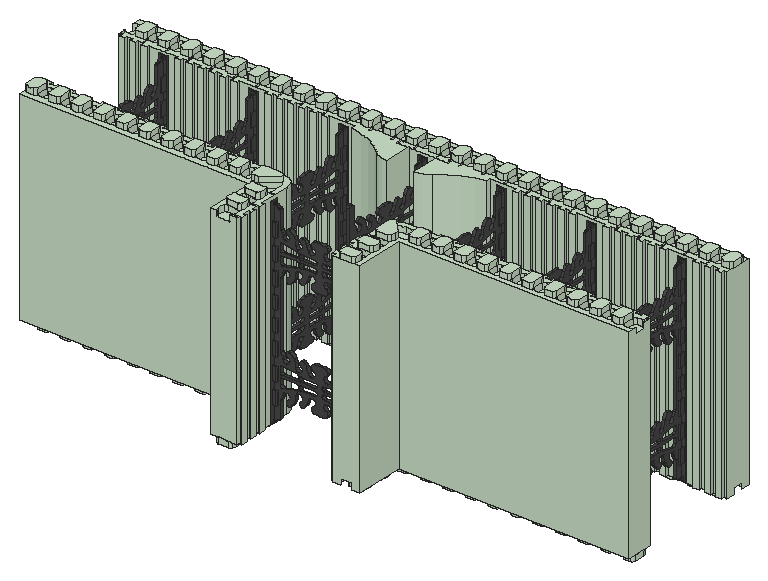
Revit family "ICF- NUDURA 8-inch- Short T Form Unit- Imperial", category Generic Models, Revit 2011 (continued)
Forms (in)
  Extrusion 95, void
    sketch origin (-11.99998, -0.00002, 0) x (0, -1, 0) y (1, 0, 0)
      loop
        arc (-3.80702, 25.93338) -> (-3.88568, 25.98274) -> (-3.97692, 25.99998) r 0.25
        line (-3.97692, 25.99998) -> (-4.89808, 25.99998)
        arc (-4.89808, 25.99998) -> (-5.04517, 25.95213) -> (-5.13595, 25.8269) r 0.25
        arc (-5.13595, 25.8269) -> (-5.1875, 25.49998) -> (-5.13595, 25.17306) r 1.0625
    from 0 to 0.5
  Extrusion 96, void
    sketch origin (-9.99998, -0.00002, 0) x (0, -1, 0) y (1, 0, 0)
      loop
        arc (-5.13595, 25.17306) -> (-5.04517, 25.04783) -> (-4.89808, 24.99998) r 0.25
        line (-4.89808, 24.99998) -> (-3.97692, 24.99998)
        arc (-3.97692, 24.99998) -> (-3.82983, 25.04783) -> (-3.73905, 25.17306) r 0.25
        arc (-3.73905, 25.17306) -> (-3.69045, 25.4209) -> (-3.70172, 25.67321) r 1.0625
        arc (-3.70172, 25.67321) -> (-3.68771, 25.72383) -> (-3.64005, 25.7459) r 0.0625
        line (-3.64005, 25.7459) -> (-3.41845, 25.7459) -> (-3.41845, 25.91673) -> (-3.76455, 25.91673)
        arc (-3.76455, 25.91673) -> (-3.78736, 25.92104) -> (-3.80702, 25.93338) r 0.0625
        arc (-3.80702, 25.93338) -> (-3.88568, 25.98274) -> (-3.97692, 25.99998) r 0.25
        line (-3.97692, 25.99998) -> (-4.89808, 25.99998)
        arc (-4.89808, 25.99998) -> (-5.04517, 25.95213) -> (-5.13595, 25.8269) r 0.25
        arc (-5.13595, 25.8269) -> (-5.1875, 25.49998) -> (-5.13595, 25.17306) r 1.0625
    from 0 to 0.5
  Extrusion 97, void
    sketch origin (-7.99998, -0.00002, 0) x (0, -1, 0) y (1, 0, 0)
      loop
        arc (-5.13595, 25.17306) -> (-5.04517, 25.04783) -> (-4.89808, 24.99998) r 0.25
        line (-4.89808, 24.99998) -> (-3.97692, 24.99998)
        arc (-3.97692, 24.99998) -> (-3.82983, 25.04783) -> (-3.73905, 25.17306) r 0.25
        arc (-3.73905, 25.17306) -> (-3.69045, 25.4209) -> (-3.70172, 25.67321) r 1.0625
        arc (-3.70172, 25.67321) -> (-3.68771, 25.72383) -> (-3.64005, 25.7459) r 0.0625
        line (-3.64005, 25.7459) -> (-3.41845, 25.7459) -> (-3.41845, 25.91673) -> (-3.76455, 25.91673)
        arc (-3.76455, 25.91673) -> (-3.78736, 25.92104) -> (-3.80702, 25.93338) r 0.0625
        arc (-3.80702, 25.93338) -> (-3.88568, 25.98274) -> (-3.97692, 25.99998) r 0.25
        line (-3.97692, 25.99998) -> (-4.89808, 25.99998)
        arc (-4.89808, 25.99998) -> (-5.04517, 25.95213) -> (-5.13595, 25.8269) r 0.25
        arc (-5.13595, 25.8269) -> (-5.1875, 25.49998) -> (-5.13595, 25.17306) r 1.0625
    from 0 to 0.5
  Extrusion 98, void
    sketch origin (-5.99998, -0.00002, 0) x (0, -1, 0) y (1, 0, 0)
      loop
        arc (-5.13595, 25.17306) -> (-5.04517, 25.04783) -> (-4.89808, 24.99998) r 0.25
        line (-4.89808, 24.99998) -> (-3.97692, 24.99998)
        arc (-3.97692, 24.99998) -> (-3.82983, 25.04783) -> (-3.73905, 25.17306) r 0.25
        arc (-3.73905, 25.17306) -> (-3.69045, 25.4209) -> (-3.70172, 25.67321) r 1.0625
        arc (-3.70172, 25.67321) -> (-3.68771, 25.72383) -> (-3.64005, 25.7459) r 0.0625
        line (-3.64005, 25.7459) -> (-3.41845, 25.7459) -> (-3.41845, 25.91673) -> (-3.76455, 25.91673)
        arc (-3.76455, 25.91673) -> (-3.78736, 25.92104) -> (-3.80702, 25.93338) r 0.0625
        arc (-3.80702, 25.93338) -> (-3.88568, 25.98274) -> (-3.97692, 25.99998) r 0.25
        line (-3.97692, 25.99998) -> (-4.89808, 25.99998)
        arc (-4.89808, 25.99998) -> (-5.04517, 25.95213) -> (-5.13595, 25.8269) r 0.25
        arc (-5.13595, 25.8269) -> (-5.1875, 25.49998) -> (-5.13595, 25.17306) r 1.0625
    from 0 to 0.5
  Extrusion 99, void
    sketch origin (-3.99998, -0.00002, 0) x (0, -1, 0) y (1, 0, 0)
      loop
        arc (-5.13595, 25.17306) -> (-5.04517, 25.04783) -> (-4.89808, 24.99998) r 0.25
        line (-4.89808, 24.99998) -> (-3.97692, 24.99998)
        arc (-3.97692, 24.99998) -> (-3.82983, 25.04783) -> (-3.73905, 25.17306) r 0.25
        arc (-3.73905, 25.17306) -> (-3.69045, 25.4209) -> (-3.70172, 25.67321) r 1.0625
        arc (-3.70172, 25.67321) -> (-3.68771, 25.72383) -> (-3.64005, 25.7459) r 0.0625
        line (-3.64005, 25.7459) -> (-3.41845, 25.7459) -> (-3.41845, 25.91673) -> (-3.76455, 25.91673)
        arc (-3.76455, 25.91673) -> (-3.78736, 25.92104) -> (-3.80702, 25.93338) r 0.0625
        arc (-3.80702, 25.93338) -> (-3.88568, 25.98274) -> (-3.97692, 25.99998) r 0.25
        line (-3.97692, 25.99998) -> (-4.89808, 25.99998)
        arc (-4.89808, 25.99998) -> (-5.04517, 25.95213) -> (-5.13595, 25.8269) r 0.25
        arc (-5.13595, 25.8269) -> (-5.1875, 25.49998) -> (-5.13595, 25.17306) r 1.0625
    from 0 to 0.5
  Extrusion 100, void
    sketch origin (-1.99998, -0.00002, 0) x (0, -1, 0) y (1, 0, 0)
      loop
        arc (-5.13595, 25.17306) -> (-5.04517, 25.04783) -> (-4.89808, 24.99998) r 0.25
        line (-4.89808, 24.99998) -> (-3.97692, 24.99998)
        arc (-3.97692, 24.99998) -> (-3.82983, 25.04783) -> (-3.73905, 25.17306) r 0.25
        arc (-3.73905, 25.17306) -> (-3.69045, 25.4209) -> (-3.70172, 25.67321) r 1.0625
        arc (-3.70172, 25.67321) -> (-3.68771, 25.72383) -> (-3.64005, 25.7459) r 0.0625
        line (-3.64005, 25.7459) -> (-3.41845, 25.7459) -> (-3.41845, 25.91673) -> (-3.76455, 25.91673)
        arc (-3.76455, 25.91673) -> (-3.78736, 25.92104) -> (-3.80702, 25.93338) r 0.0625
        arc (-3.80702, 25.93338) -> (-3.88568, 25.98274) -> (-3.97692, 25.99998) r 0.25
        line (-3.97692, 25.99998) -> (-4.89808, 25.99998)
        arc (-4.89808, 25.99998) -> (-5.04517, 25.95213) -> (-5.13595, 25.8269) r 0.25
        arc (-5.13595, 25.8269) -> (-5.1875, 25.49998) -> (-5.13595, 25.17306) r 1.0625
    from 0 to 0.5
  Extrusion 101, void
    sketch origin (0.00002, -0.00002, 0) x (0, -1, 0) y (1, 0, 0)
      loop
        arc (-5.13595, 25.17306) -> (-5.04517, 25.04783) -> (-4.89808, 24.99998) r 0.25
        line (-4.89808, 24.99998) -> (-3.97692, 24.99998)
        arc (-3.97692, 24.99998) -> (-3.82983, 25.04783) -> (-3.73905, 25.17306) r 0.25
        arc (-3.73905, 25.17306) -> (-3.69045, 25.4209) -> (-3.70172, 25.67321) r 1.0625
        arc (-3.70172, 25.67321) -> (-3.68771, 25.72383) -> (-3.64005, 25.7459) r 0.0625
        line (-3.64005, 25.7459) -> (-3.41845, 25.7459) -> (-3.41845, 25.91673) -> (-3.76455, 25.91673)
        arc (-3.76455, 25.91673) -> (-3.78736, 25.92104) -> (-3.80702, 25.93338) r 0.0625
        arc (-3.80702, 25.93338) -> (-3.88568, 25.98274) -> (-3.97692, 25.99998) r 0.25
        line (-3.97692, 25.99998) -> (-4.89808, 25.99998)
        arc (-4.89808, 25.99998) -> (-5.04517, 25.95213) -> (-5.13595, 25.8269) r 0.25
        arc (-5.13595, 25.8269) -> (-5.1875, 25.49998) -> (-5.13595, 25.17306) r 1.0625
    from 0 to 0.5
  Extrusion 102, void
    sketch origin (-49.99998, -0.00002, 0) x (0, -1, 0) y (1, 0, 0)
      loop
        arc (-5.13595, 25.17306) -> (-5.04517, 25.04783) -> (-4.89808, 24.99998) r 0.25
        line (-4.89808, 24.99998) -> (-3.97692, 24.99998)
        arc (-3.97692, 24.99998) -> (-3.82983, 25.04783) -> (-3.73905, 25.17306) r 0.25
        arc (-3.73905, 25.17306) -> (-3.69045, 25.4209) -> (-3.70172, 25.67321) r 1.0625
        arc (-3.70172, 25.67321) -> (-3.68771, 25.72383) -> (-3.64005, 25.7459) r 0.0625
        line (-3.64005, 25.7459) -> (-3.41845, 25.7459) -> (-3.41845, 25.91673) -> (-3.76455, 25.91673)
        arc (-3.76455, 25.91673) -> (-3.78736, 25.92104) -> (-3.80702, 25.93338) r 0.0625
        arc (-3.80702, 25.93338) -> (-3.88568, 25.98274) -> (-3.97692, 25.99998) r 0.25
        line (-3.97692, 25.99998) -> (-4.89808, 25.99998)
        arc (-4.89808, 25.99998) -> (-5.04517, 25.95213) -> (-5.13595, 25.8269) r 0.25
        arc (-5.13595, 25.8269) -> (-5.1875, 25.49998) -> (-5.13595, 25.17306) r 1.0625
    from 0 to 0.5
  Extrusion 103, void
    sketch origin (-47.99998, -0.00002, 0) x (0, -1, 0) y (1, 0, 0)
      loop
        arc (-5.13595, 25.17306) -> (-5.04517, 25.04783) -> (-4.89808, 24.99998) r 0.25
        line (-4.89808, 24.99998) -> (-3.97692, 24.99998)
        arc (-3.97692, 24.99998) -> (-3.82983, 25.04783) -> (-3.73905, 25.17306) r 0.25
        arc (-3.73905, 25.17306) -> (-3.69045, 25.4209) -> (-3.70172, 25.67321) r 1.0625
        arc (-3.70172, 25.67321) -> (-3.68771, 25.72383) -> (-3.64005, 25.7459) r 0.0625
        line (-3.64005, 25.7459) -> (-3.41845, 25.7459) -> (-3.41845, 25.91673) -> (-3.76455, 25.91673)
        arc (-3.76455, 25.91673) -> (-3.78736, 25.92104) -> (-3.80702, 25.93338) r 0.0625
        arc (-3.80702, 25.93338) -> (-3.88568, 25.98274) -> (-3.97692, 25.99998) r 0.25
        line (-3.97692, 25.99998) -> (-4.89808, 25.99998)
        arc (-4.89808, 25.99998) -> (-5.04517, 25.95213) -> (-5.13595, 25.8269) r 0.25
        arc (-5.13595, 25.8269) -> (-5.1875, 25.49998) -> (-5.13595, 25.17306) r 1.0625
    from 0 to 0.5
  Extrusion 104, void
    sketch origin (-45.99998, -0.00002, 0) x (0, -1, 0) y (1, 0, 0)
      loop
        arc (-5.13595, 25.17306) -> (-5.04517, 25.04783) -> (-4.89808, 24.99998) r 0.25
        line (-4.89808, 24.99998) -> (-3.97692, 24.99998)
        arc (-3.97692, 24.99998) -> (-3.82983, 25.04783) -> (-3.73905, 25.17306) r 0.25
        arc (-3.73905, 25.17306) -> (-3.69045, 25.4209) -> (-3.70172, 25.67321) r 1.0625
        arc (-3.70172, 25.67321) -> (-3.68771, 25.72383) -> (-3.64005, 25.7459) r 0.0625
        line (-3.64005, 25.7459) -> (-3.41845, 25.7459) -> (-3.41845, 25.91673) -> (-3.76455, 25.91673)
        arc (-3.76455, 25.91673) -> (-3.78736, 25.92104) -> (-3.80702, 25.93338) r 0.0625
        arc (-3.80702, 25.93338) -> (-3.88568, 25.98274) -> (-3.97692, 25.99998) r 0.25
        line (-3.97692, 25.99998) -> (-4.89808, 25.99998)
        arc (-4.89808, 25.99998) -> (-5.04517, 25.95213) -> (-5.13595, 25.8269) r 0.25
        arc (-5.13595, 25.8269) -> (-5.1875, 25.49998) -> (-5.13595, 25.17306) r 1.0625
    from 0 to 0.5
  Extrusion 105, void
    sketch origin (-43.99998, -0.00002, 0) x (0, -1, 0) y (1, 0, 0)
      loop
        arc (-5.13595, 25.17306) -> (-5.04517, 25.04783) -> (-4.89808, 24.99998) r 0.25
        line (-4.89808, 24.99998) -> (-3.97692, 24.99998)
        arc (-3.97692, 24.99998) -> (-3.82983, 25.04783) -> (-3.73905, 25.17306) r 0.25
        arc (-3.73905, 25.17306) -> (-3.69045, 25.4209) -> (-3.70172, 25.67321) r 1.0625
        arc (-3.70172, 25.67321) -> (-3.68771, 25.72383) -> (-3.64005, 25.7459) r 0.0625
        line (-3.64005, 25.7459) -> (-3.41845, 25.7459) -> (-3.41845, 25.91673) -> (-3.76455, 25.91673)
        arc (-3.76455, 25.91673) -> (-3.78736, 25.92104) -> (-3.80702, 25.93338) r 0.0625
        arc (-3.80702, 25.93338) -> (-3.88568, 25.98274) -> (-3.97692, 25.99998) r 0.25
        line (-3.97692, 25.99998) -> (-4.89808, 25.99998)
        arc (-4.89808, 25.99998) -> (-5.04517, 25.95213) -> (-5.13595, 25.8269) r 0.25
        arc (-5.13595, 25.8269) -> (-5.1875, 25.49998) -> (-5.13595, 25.17306) r 1.0625
    from 0 to 0.5
  Extrusion 106, void
    sketch origin (-41.99998, -0.00002, 0) x (0, -1, 0) y (1, 0, 0)
      loop
        arc (-5.13595, 25.17306) -> (-5.04517, 25.04783) -> (-4.89808, 24.99998) r 0.25
        line (-4.89808, 24.99998) -> (-3.97692, 24.99998)
        arc (-3.97692, 24.99998) -> (-3.82983, 25.04783) -> (-3.73905, 25.17306) r 0.25
        arc (-3.73905, 25.17306) -> (-3.69045, 25.4209) -> (-3.70172, 25.67321) r 1.0625
        arc (-3.70172, 25.67321) -> (-3.68771, 25.72383) -> (-3.64005, 25.7459) r 0.0625
        line (-3.64005, 25.7459) -> (-3.41845, 25.7459) -> (-3.41845, 25.91673) -> (-3.76455, 25.91673)
        arc (-3.76455, 25.91673) -> (-3.78736, 25.92104) -> (-3.80702, 25.93338) r 0.0625
        arc (-3.80702, 25.93338) -> (-3.88568, 25.98274) -> (-3.97692, 25.99998) r 0.25
        line (-3.97692, 25.99998) -> (-4.89808, 25.99998)
        arc (-4.89808, 25.99998) -> (-5.04517, 25.95213) -> (-5.13595, 25.8269) r 0.25
        arc (-5.13595, 25.8269) -> (-5.1875, 25.49998) -> (-5.13595, 25.17306) r 1.0625
    from 0 to 0.5
  Extrusion 107, void
    sketch origin (-39.99998, -0.00002, 0) x (0, -1, 0) y (1, 0, 0)
      loop
        arc (-5.13595, 25.17306) -> (-5.04517, 25.04783) -> (-4.89808, 24.99998) r 0.25
        line (-4.89808, 24.99998) -> (-3.97692, 24.99998)
        arc (-3.97692, 24.99998) -> (-3.82983, 25.04783) -> (-3.73905, 25.17306) r 0.25
        arc (-3.73905, 25.17306) -> (-3.69045, 25.4209) -> (-3.70172, 25.67321) r 1.0625
        arc (-3.70172, 25.67321) -> (-3.68771, 25.72383) -> (-3.64005, 25.7459) r 0.0625
        line (-3.64005, 25.7459) -> (-3.41845, 25.7459) -> (-3.41845, 25.91673) -> (-3.76455, 25.91673)
        arc (-3.76455, 25.91673) -> (-3.78736, 25.92104) -> (-3.80702, 25.93338) r 0.0625
        arc (-3.80702, 25.93338) -> (-3.88568, 25.98274) -> (-3.97692, 25.99998) r 0.25
        line (-3.97692, 25.99998) -> (-4.89808, 25.99998)
        arc (-4.89808, 25.99998) -> (-5.04517, 25.95213) -> (-5.13595, 25.8269) r 0.25
        arc (-5.13595, 25.8269) -> (-5.1875, 25.49998) -> (-5.13595, 25.17306) r 1.0625
    from 0 to 0.5
  Extrusion 108, void
    sketch origin (-37.99998, -0.00002, 0) x (0, -1, 0) y (1, 0, 0)
      loop
        arc (-5.13595, 25.17306) -> (-5.04517, 25.04783) -> (-4.89808, 24.99998) r 0.25
        line (-4.89808, 24.99998) -> (-3.97692, 24.99998)
        arc (-3.97692, 24.99998) -> (-3.82983, 25.04783) -> (-3.73905, 25.17306) r 0.25
        arc (-3.73905, 25.17306) -> (-3.69045, 25.4209) -> (-3.70172, 25.67321) r 1.0625
        arc (-3.70172, 25.67321) -> (-3.68771, 25.72383) -> (-3.64005, 25.7459) r 0.0625
        line (-3.64005, 25.7459) -> (-3.41845, 25.7459) -> (-3.41845, 25.91673) -> (-3.76455, 25.91673)
        arc (-3.76455, 25.91673) -> (-3.78736, 25.92104) -> (-3.80702, 25.93338) r 0.0625
        arc (-3.80702, 25.93338) -> (-3.88568, 25.98274) -> (-3.97692, 25.99998) r 0.25
        line (-3.97692, 25.99998) -> (-4.89808, 25.99998)
        arc (-4.89808, 25.99998) -> (-5.04517, 25.95213) -> (-5.13595, 25.8269) r 0.25
        arc (-5.13595, 25.8269) -> (-5.1875, 25.49998) -> (-5.13595, 25.17306) r 1.0625
    from 0 to 0.5
  Extrusion 109, void
    sketch origin (-35.99998, -0.00002, 0) x (0, -1, 0) y (1, 0, 0)
      loop
        arc (-5.13595, 25.17306) -> (-5.04517, 25.04783) -> (-4.89808, 24.99998) r 0.25
        line (-4.89808, 24.99998) -> (-3.97692, 24.99998)
        arc (-3.97692, 24.99998) -> (-3.82983, 25.04783) -> (-3.73905, 25.17306) r 0.25
        arc (-3.73905, 25.17306) -> (-3.69045, 25.4209) -> (-3.70172, 25.67321) r 1.0625
        arc (-3.70172, 25.67321) -> (-3.68771, 25.72383) -> (-3.64005, 25.7459) r 0.0625
        line (-3.64005, 25.7459) -> (-3.41845, 25.7459) -> (-3.41845, 25.91673) -> (-3.76455, 25.91673)
        arc (-3.76455, 25.91673) -> (-3.78736, 25.92104) -> (-3.80702, 25.93338) r 0.0625
        arc (-3.80702, 25.93338) -> (-3.88568, 25.98274) -> (-3.97692, 25.99998) r 0.25
        line (-3.97692, 25.99998) -> (-4.89808, 25.99998)
        arc (-4.89808, 25.99998) -> (-5.04517, 25.95213) -> (-5.13595, 25.8269) r 0.25
        arc (-5.13595, 25.8269) -> (-5.1875, 25.49998) -> (-5.13595, 25.17306) r 1.0625
    from 0 to 0.5
  Extrusion 110, void
    sketch origin (51.99998, -0.00002, 0) x (0, -1, 0) y (1, 0, 0)
      loop
        arc (-5.13595, -25.17306) -> (-5.1875, -25.49998) -> (-5.13595, -25.8269) r 1.0625
        arc (-5.13595, -25.8269) -> (-5.04517, -25.95213) -> (-4.89808, -25.99998) r 0.25
        line (-4.89808, -25.99998) -> (-3.97692, -25.99998)
        arc (-3.97692, -25.99998) -> (-3.88568, -25.98274) -> (-3.80702, -25.93338) r 0.25
        arc (-3.80702, -25.93338) -> (-3.78736, -25.92104) -> (-3.76455, -25.91673) r 0.0625
        line (-3.76455, -25.91673) -> (-3.41845, -25.91673) -> (-3.41845, -25.7459) -> (-3.64005, -25.7459)
        arc (-3.64005, -25.7459) -> (-3.68771, -25.72383) -> (-3.70172, -25.67321) r 0.0625
        arc (-3.70172, -25.67321) -> (-3.69045, -25.4209) -> (-3.73905, -25.17306) r 1.0625
        arc (-3.73905, -25.17306) -> (-3.82983, -25.04783) -> (-3.97692, -24.99998) r 0.25
        line (-3.97692, -24.99998) -> (-4.89808, -24.99998)
        arc (-4.89808, -24.99998) -> (-5.04517, -25.04783) -> (-5.13595, -25.17306) r 0.25
    from 18 to 17.5
  Extrusion 111, void
    sketch origin (2.00002, -0.00002, 0) x (0, -1, 0) y (1, 0, 0)
      loop
        arc (-5.13595, 25.17306) -> (-5.04517, 25.04783) -> (-4.89808, 24.99998) r 0.25
        line (-4.89808, 24.99998) -> (-3.97692, 24.99998)
        arc (-3.97692, 24.99998) -> (-3.82983, 25.04783) -> (-3.73905, 25.17306) r 0.25
        arc (-3.73905, 25.17306) -> (-3.69045, 25.4209) -> (-3.70172, 25.67321) r 1.0625
        arc (-3.70172, 25.67321) -> (-3.68771, 25.72383) -> (-3.64005, 25.7459) r 0.0625
        line (-3.64005, 25.7459) -> (-3.41845, 25.7459) -> (-3.41845, 25.91673) -> (-3.76455, 25.91673)
        arc (-3.76455, 25.91673) -> (-3.78736, 25.92104) -> (-3.80702, 25.93338) r 0.0625
        arc (-3.80702, 25.93338) -> (-3.88568, 25.98274) -> (-3.97692, 25.99998) r 0.25
        line (-3.97692, 25.99998) -> (-4.89808, 25.99998)
        arc (-4.89808, 25.99998) -> (-5.04517, 25.95213) -> (-5.13595, 25.8269) r 0.25
        arc (-5.13595, 25.8269) -> (-5.1875, 25.49998) -> (-5.13595, 25.17306) r 1.0625
    from 0 to 0.5
  Extrusion 112, solid, material "NUDURA Expanded Polystyrene Foam Insulation"
    sketch origin (0, 0, 0) x (1, 0, 0) y (0, 1, 0)
      loop
        line (3.25, 5.62754) -> (-1.25, 5.62754) -> (-1.25, 5.17633) -> (-1, 5.24332) -> (-1, 4.63633) -> (-1.25, 4.69867) -> (-1.25, 4.17633) -> (-1, 4.24332) -> (-1, 3.63633) -> (-1.25, 3.69867) -> (-1.25, 3.25) -> (3.25, 3.25) -> (3.25, 3.69867) -> (3, 3.63633) -> (3, 4.24332) -> (3.25, 4.17633) -> (3.25, 4.69867) -> (3, 4.63633) -> (3, 5.24332) -> (3.25, 5.17633) -> (3.25, 5.62754)
    from 0 to 18
Cuts and joins
  Extrusion 2, Extrusion 3, Extrusion 4, Extrusion 5, Extrusion 6, Extrusion 7, Extrusion 8, Extrusion 9, Extrusion 10, Extrusion 11, Extrusion 12, Extrusion 13, Extrusion 14, Extrusion 15, Extrusion 16, Extrusion 17, Extrusion 18, Extrusion 19, Extrusion 20, Extrusion 21, Extrusion 22, Extrusion 23, Extrusion 24, Extrusion 25, Extrusion 26, Extrusion 27, Extrusion 28, Extrusion 29, Extrusion 30, Extrusion 31, Extrusion 32, Extrusion 33, Extrusion 34, Extrusion 35, Extrusion 36, Extrusion 37, Extrusion 38, Extrusion 39, Extrusion 40, Extrusion 41, Extrusion 46, Extrusion 47, Extrusion 48, Extrusion 49, Extrusion 50, Extrusion 51, Extrusion 52, Extrusion 53, Extrusion 54, Extrusion 55, Extrusion 56, Extrusion 57, Extrusion 58, Extrusion 59, Extrusion 60, Extrusion 61, Extrusion 62, Extrusion 63, Extrusion 64, Extrusion 65, Extrusion 66, Extrusion 67, Extrusion 68, Extrusion 69, Extrusion 70, Extrusion 71, Extrusion 72, Extrusion 73, Extrusion 74, Extrusion 75, Extrusion 76, Extrusion 77, Extrusion 78, Extrusion 79, Extrusion 80, Extrusion 81, Extrusion 82, Extrusion 83, Extrusion 84, Extrusion 85, Extrusion 86, Extrusion 87, Extrusion 88, Extrusion 89, Extrusion 90, Extrusion 91, Extrusion 92, Extrusion 93, Extrusion 94, Extrusion 95, Extrusion 96, Extrusion 97, Extrusion 98, Extrusion 99, Extrusion 100, Extrusion 101, Extrusion 102, Extrusion 103, Extrusion 104, Extrusion 105, Extrusion 106, Extrusion 107, Extrusion 108, Extrusion 109, Extrusion 110, Extrusion 111 cuts Extrusion 1
  Extrusion 54 cuts Extrusion 43
  Extrusion 86 cuts Extrusion 45
  Extrusion 26, Extrusion 27, Extrusion 28, Extrusion 36, Extrusion 37, Extrusion 38 cuts Extrusion 112
Lines and regions (in)
  model lines
    curve 1: line (-2, 5.62754, 0) -> (-2, 5.62754, 18)
Dimensions and locks (in)
  locked: plane 8 to level at 18  (x2)
  locked: plane 5 to plane 4 at 8
  locked: plane 7 to plane 6 at 8
  aligned and locked: plane 8 to Extrusion 1
  aligned and locked: Extrusion 1 to level
  aligned and locked: Extrusion 1 to plane 8
  aligned and locked: plane 2 to level
  aligned: cut or joined group 1 (Extrusion 1, Extrusion 2, Extrusion 3, Extrusion 4, Extrusion 5, Extrusion 6, Extrusion 7, Extrusion 8, Extrusion 9, Extrusion 10, Extrusion 11, Extrusion 12, Extrusion 13, Extrusion 14, Extrusion 15, Extrusion 16, Extrusion 17, Extrusion 18, Extrusion 19, Extrusion 20, Extrusion 21, Extrusion 22, Extrusion 23, Extrusion 24, Extrusion 25, Extrusion 26, Extrusion 27, Extrusion 28, Extrusion 29, Extrusion 30, Extrusion 31, Extrusion 32, Extrusion 33, Extrusion 34, Extrusion 35, Extrusion 36, Extrusion 37, Extrusion 38, Extrusion 39, Extrusion 40, Extrusion 41, Extrusion 46, Extrusion 47, Extrusion 48, Extrusion 49, Extrusion 50, Extrusion 51, Extrusion 52, Extrusion 53, Extrusion 54, Extrusion 55, Extrusion 56, Extrusion 57, Extrusion 58, Extrusion 59, Extrusion 60, Extrusion 61, Extrusion 62, Extrusion 63, Extrusion 64, Extrusion 65, Extrusion 66, Extrusion 67, Extrusion 68, Extrusion 69, Extrusion 70, Extrusion 71, Extrusion 72, Extrusion 73, Extrusion 74, Extrusion 75, Extrusion 76, Extrusion 77, Extrusion 78, Extrusion 79, Extrusion 80, Extrusion 81, Extrusion 82, Extrusion 83, Extrusion 84, Extrusion 85, Extrusion 86, Extrusion 87, Extrusion 88, Extrusion 89, Extrusion 90, Extrusion 91, Extrusion 92, Extrusion 93, Extrusion 94, Extrusion 95, Extrusion 96, Extrusion 97, Extrusion 98, Extrusion 99, Extrusion 100, Extrusion 101, Extrusion 102, Extrusion 103, Extrusion 104, Extrusion 105, Extrusion 106, Extrusion 107, Extrusion 108, Extrusion 109, Extrusion 110, Extrusion 111) to nested 37
  aligned: nested 39 to cut or joined group 1
  aligned: nested 40 to cut or joined group 1
  aligned: cut or joined group 1 to nested 41
  aligned and locked: cut or joined group 1 to nested 106
  aligned and locked: cut or joined group 1 to nested 107
  aligned and locked: nested 40 to nested 41
  aligned and locked: nested 108 to nested 40
  aligned and locked: cut or joined group 1 to nested 109
  aligned and locked: nested 111 to cut or joined group 1
  aligned and locked: cut or joined group 1 to nested 110
  aligned: nested 112 to cut or joined group 1
  aligned and locked: nested 113 to cut or joined group 1
  aligned: nested 114 to cut or joined group 1
  aligned and locked: nested 112 to cut or joined group 1
  aligned and locked: nested 125 to cut or joined group of Extrusion 26, Extrusion 27, Extrusion 28, Extrusion 36, Extrusion 37, Extrusion 38, Extrusion 112
Nested families (in)
  nested 1: "Interlock Tooth" at (2, -11.99998, 0) x (0, 1, 0) z (0, 0, 1), type "Interlock Tooth"
  nested 2: "Interlock Tooth" at (2, -9.99998, 0) x (0, 1, 0) z (0, 0, 1), type "Interlock Tooth"
  nested 3: "Interlock Tooth" at (0, -10.99998, 0) x (0, 1, 0) z (0, 0, 1), type "Interlock Tooth"
  nested 4: "Interlock Tooth" at (0, -8.99998, 0) x (0, 1, 0) z (0, 0, 1), type "Interlock Tooth"
  nested 5: "Interlock Tooth" at (-10, -1.99998, 0), type "Interlock Tooth"
  nested 6: "Interlock Tooth" at (-8, -1.99998, 0), type "Interlock Tooth"
  nested 7: "Interlock Tooth" at (8, -1.99998, 0), type "Interlock Tooth"
  nested 8: "Interlock Tooth" at (10, -1.99998, 0), type "Interlock Tooth"
  nested 9: "Interlock Tooth" at (-9, -1.99998, -18.5), type "Interlock Tooth"
  nested 10: "Interlock Tooth" at (-7, -1.99998, -18.5), type "Interlock Tooth"
  nested 11: "Interlock Tooth" at (11, -1.99998, -18.5), type "Interlock Tooth"
  nested 12: "Interlock Tooth" at (9, -1.99998, -18.5), type "Interlock Tooth"
  nested 13: "Interlock Tooth" at (0, -10.99998, -18.5) x (0, -1, 0) z (0, 0, 1), type "Interlock Tooth"
  nested 14: "Interlock Tooth" at (0, -8.99998, -18.5) x (0, -1, 0) z (0, 0, 1), type "Interlock Tooth"
  nested 15: "Interlock Tooth" at (2, -10.99998, -18.5) x (0, 1, 0) z (0, 0, 1), type "Interlock Tooth"
  nested 16: "Interlock Tooth" at (2, -8.99998, -18.5) x (0, 1, 0) z (0, 0, 1), type "Interlock Tooth"
  nested 17: "Interlock Tooth" at (-8, -0.00002, 0) x (-1, 0, 0) z (0, 0, 1), type "Interlock Tooth"
  nested 18: "Interlock Tooth" at (-9, -0.00002, -18.5) x (-1, 0, 0) z (0, 0, 1), type "Interlock Tooth"
  nested 19: "Interlock Tooth" at (-6, -0.00002, 0) x (-1, 0, 0) z (0, 0, 1), type "Interlock Tooth"
  nested 20: "Interlock Tooth" at (-7, -0.00002, -18.5) x (-1, 0, 0) z (0, 0, 1), type "Interlock Tooth"
  nested 21: "Interlock Tooth" at (-4, -0.00002, 0) x (-1, 0, 0) z (0, 0, 1), type "Interlock Tooth"
  nested 22: "Interlock Tooth" at (-5, -0.00002, -18.5) x (-1, 0, 0) z (0, 0, 1), type "Interlock Tooth"
  nested 23: "Interlock Tooth" at (-2, -0.00002, 0) x (-1, 0, 0) z (0, 0, 1), type "Interlock Tooth"
  nested 24: "Interlock Tooth" at (-3, -0.00002, -18.5) x (-1, 0, 0) z (0, 0, 1), type "Interlock Tooth"
  nested 25: "Interlock Tooth" at (0, -0.00002, 0) x (-1, 0, 0) z (0, 0, 1), type "Interlock Tooth"
  nested 26: "Interlock Tooth" at (-1, -0.00002, -18.5) x (-1, 0, 0) z (0, 0, 1), type "Interlock Tooth"
  nested 27: "Interlock Tooth" at (2, -0.00002, 0) x (-1, 0, 0) z (0, 0, 1), type "Interlock Tooth"
  nested 28: "Interlock Tooth" at (1, -0.00002, -18.5) x (-1, 0, 0) z (0, 0, 1), type "Interlock Tooth"
  nested 29: "Interlock Tooth" at (4, -0.00002, 0) x (-1, 0, 0) z (0, 0, 1), type "Interlock Tooth"
  nested 30: "Interlock Tooth" at (3, -0.00002, -18.5) x (-1, 0, 0) z (0, 0, 1), type "Interlock Tooth"
  nested 31: "Interlock Tooth" at (6, -0.00002, 0) x (-1, 0, 0) z (0, 0, 1), type "Interlock Tooth"
  nested 32: "Interlock Tooth" at (5, -0.00002, -18.5) x (-1, 0, 0) z (0, 0, 1), type "Interlock Tooth"
  nested 33: "Interlock Tooth" at (8, -0.00002, 0) x (-1, 0, 0) z (0, 0, 1), type "Interlock Tooth"
  nested 34: "Interlock Tooth" at (7, -0.00002, -18.5) x (-1, 0, 0) z (0, 0, 1), type "Interlock Tooth"
  nested 35: "Interlock Tooth" at (10, -0.00002, 0) x (-1, 0, 0) z (0, 0, 1), type "Interlock Tooth"
  nested 36: "Interlock Tooth" at (9, -0.00002, -18.5) x (-1, 0, 0) z (0, 0, 1), type "Interlock Tooth"
  nested 37: "NUDURA Diamond Pattern Missing Two Lines" at (-11.25, -11.99998, 0) x (0, 1, 0) z (0, 0, 1), type "NUDURA Diamond Pattern minus Two lines"
  nested 38: "NUDURA Diamond Pattern Missing Two Lines" at (-10, -2, 0), type "NUDURA Diamond Pattern minus Two lines"
  nested 39: "NUDURA Diamond Pattern Missing Two Lines" at (2, -11.99998, 0) x (0, 1, 0) z (0, 0, 1), type "NUDURA Diamond Pattern minus Two lines"
  nested 40: "NUDURA Logo Diamond" at (19.99744, 5.62754, 0) x (-1, 0, 0) z (0, 0, 1), type "NUDURA Logo Diamond"
  nested 41: "NUDURA Logo Diamond" at (5.99744, 5.62754, 0) x (-1, 0, 0) z (0, 0, 1), type "NUDURA Logo Diamond"
  nested 42: "Interlock Tooth" at (-16, -0.00002, 0) x (-1, 0, 0) z (0, 0, 1), type "Interlock Tooth"
  nested 43: "Interlock Tooth" at (-14, -0.00002, 0) x (-1, 0, 0) z (0, 0, 1), type "Interlock Tooth"
  nested 44: "Interlock Tooth" at (-12, -0.00002, 0) x (-1, 0, 0) z (0, 0, 1), type "Interlock Tooth"
  nested 45: "Interlock Tooth" at (-10, -0.00002, 0) x (-1, 0, 0) z (0, 0, 1), type "Interlock Tooth"
  nested 46: "Interlock Tooth" at (-18, -0.00002, 0) x (-1, 0, 0) z (0, 0, 1), type "Interlock Tooth"
  nested 47: "Interlock Tooth" at (-24, -0.00002, 0) x (-1, 0, 0) z (0, 0, 1), type "Interlock Tooth"
  nested 48: "Interlock Tooth" at (-22, -0.00002, 0) x (-1, 0, 0) z (0, 0, 1), type "Interlock Tooth"
  nested 49: "Interlock Tooth" at (-20, -0.00002, 0) x (-1, 0, 0) z (0, 0, 1), type "Interlock Tooth"
  nested 50: "Interlock Tooth" at (-14, -1.99998, 0), type "Interlock Tooth"
  nested 51: "Interlock Tooth" at (-12, -1.99998, 0), type "Interlock Tooth"
  nested 52: "Interlock Tooth" at (-18, -1.99998, 0), type "Interlock Tooth"
  nested 53: "Interlock Tooth" at (-16, -1.99998, 0), type "Interlock Tooth"
  nested 54: "Interlock Tooth" at (-22, -1.99998, 0), type "Interlock Tooth"
  nested 55: "Interlock Tooth" at (-20, -1.99998, 0), type "Interlock Tooth"
  nested 56: "Interlock Tooth" at (-26, -1.99998, 0), type "Interlock Tooth"
  nested 57: "Interlock Tooth" at (-24, -1.99998, 0), type "Interlock Tooth"
  nested 58: "Interlock Tooth" at (12, -1.99998, 0), type "Interlock Tooth"
  nested 59: "Interlock Tooth" at (14, -1.99998, 0), type "Interlock Tooth"
  nested 60: "Interlock Tooth" at (16, -1.99998, 0), type "Interlock Tooth"
  nested 61: "Interlock Tooth" at (18, -1.99998, 0), type "Interlock Tooth"
  nested 62: "Interlock Tooth" at (20, -1.99998, 0), type "Interlock Tooth"
  nested 63: "Interlock Tooth" at (22, -1.99998, 0), type "Interlock Tooth"
  nested 64: "Interlock Tooth" at (24, -1.99998, 0), type "Interlock Tooth"
  nested 65: "Interlock Tooth" at (26, -1.99998, 0), type "Interlock Tooth"
  nested 66: "Interlock Tooth" at (14, -0.00002, 0) x (-1, 0, 0) z (0, 0, 1), type "Interlock Tooth"
  nested 67: "Interlock Tooth" at (16, -0.00002, 0) x (-1, 0, 0) z (0, 0, 1), type "Interlock Tooth"
  nested 68: "Interlock Tooth" at (18, -0.00002, 0) x (-1, 0, 0) z (0, 0, 1), type "Interlock Tooth"
  nested 69: "Interlock Tooth" at (20, -0.00002, 0) x (-1, 0, 0) z (0, 0, 1), type "Interlock Tooth"
  nested 70: "Interlock Tooth" at (22, -0.00002, 0) x (-1, 0, 0) z (0, 0, 1), type "Interlock Tooth"
  nested 71: "Interlock Tooth" at (24, -0.00002, 0) x (-1, 0, 0) z (0, 0, 1), type "Interlock Tooth"
  nested 72: "Interlock Tooth" at (26, -0.00002, 0) x (-1, 0, 0) z (0, 0, 1), type "Interlock Tooth"
  nested 73: "Interlock Tooth" at (12, -0.00002, 0) x (-1, 0, 0) z (0, 0, 1), type "Interlock Tooth"
  nested 74: "Interlock Tooth" at (-13, -1.99998, -18.5), type "Interlock Tooth"
  nested 75: "Interlock Tooth" at (-11, -1.99998, -18.5), type "Interlock Tooth"
  nested 76: "Interlock Tooth" at (-17, -1.99998, -18.5), type "Interlock Tooth"
  nested 77: "Interlock Tooth" at (-15, -1.99998, -18.5), type "Interlock Tooth"
  nested 78: "Interlock Tooth" at (-21, -1.99998, -18.5), type "Interlock Tooth"
  nested 79: "Interlock Tooth" at (-19, -1.99998, -18.5), type "Interlock Tooth"
  nested 80: "Interlock Tooth" at (-25, -1.99998, -18.5), type "Interlock Tooth"
  nested 81: "Interlock Tooth" at (-23, -1.99998, -18.5), type "Interlock Tooth"
  nested 82: "Interlock Tooth" at (15, -1.99998, -18.5), type "Interlock Tooth"
  nested 83: "Interlock Tooth" at (13, -1.99998, -18.5), type "Interlock Tooth"
  nested 84: "Interlock Tooth" at (19, -1.99998, -18.5), type "Interlock Tooth"
  nested 85: "Interlock Tooth" at (17, -1.99998, -18.5), type "Interlock Tooth"
  nested 86: "Interlock Tooth" at (23, -1.99998, -18.5), type "Interlock Tooth"
  nested 87: "Interlock Tooth" at (21, -1.99998, -18.5), type "Interlock Tooth"
  nested 88: "Interlock Tooth" at (27, -1.99998, -18.5), type "Interlock Tooth"
  nested 89: "Interlock Tooth" at (25, -1.99998, -18.5), type "Interlock Tooth"
  nested 90: "Interlock Tooth" at (11, -0.00002, -18.5) x (-1, 0, 0) z (0, 0, 1), type "Interlock Tooth"
  nested 91: "Interlock Tooth" at (13, -0.00002, -18.5) x (-1, 0, 0) z (0, 0, 1), type "Interlock Tooth"
  nested 92: "Interlock Tooth" at (15, -0.00002, -18.5) x (-1, 0, 0) z (0, 0, 1), type "Interlock Tooth"
  nested 93: "Interlock Tooth" at (17, -0.00002, -18.5) x (-1, 0, 0) z (0, 0, 1), type "Interlock Tooth"
  nested 94: "Interlock Tooth" at (19, -0.00002, -18.5) x (-1, 0, 0) z (0, 0, 1), type "Interlock Tooth"
  nested 95: "Interlock Tooth" at (21, -0.00002, -18.5) x (-1, 0, 0) z (0, 0, 1), type "Interlock Tooth"
  nested 96: "Interlock Tooth" at (23, -0.00002, -18.5) x (-1, 0, 0) z (0, 0, 1), type "Interlock Tooth"
  nested 97: "Interlock Tooth" at (25, -0.00002, -18.5) x (-1, 0, 0) z (0, 0, 1), type "Interlock Tooth"
  nested 98: "Interlock Tooth" at (-25, -0.00002, -18.5) x (-1, 0, 0) z (0, 0, 1), type "Interlock Tooth"
  nested 99: "Interlock Tooth" at (-23, -0.00002, -18.5) x (-1, 0, 0) z (0, 0, 1), type "Interlock Tooth"
  nested 100: "Interlock Tooth" at (-21, -0.00002, -18.5) x (-1, 0, 0) z (0, 0, 1), type "Interlock Tooth"
  nested 101: "Interlock Tooth" at (-19, -0.00002, -18.5) x (-1, 0, 0) z (0, 0, 1), type "Interlock Tooth"
  nested 102: "Interlock Tooth" at (-17, -0.00002, -18.5) x (-1, 0, 0) z (0, 0, 1), type "Interlock Tooth"
  nested 103: "Interlock Tooth" at (-15, -0.00002, -18.5) x (-1, 0, 0) z (0, 0, 1), type "Interlock Tooth"
  nested 104: "Interlock Tooth" at (-13, -0.00002, -18.5) x (-1, 0, 0) z (0, 0, 1), type "Interlock Tooth"
  nested 105: "Interlock Tooth" at (-11, -0.00002, -18.5) x (-1, 0, 0) z (0, 0, 1), type "Interlock Tooth"
  nested 106: "NUDURA Diamond Pattern" at (-26, 11.25254, 0), type "NUDURA Diamond Pattern"
  nested 107: "NUDURA Diamond Pattern" at (-18, 11.25254, 0), type "NUDURA Diamond Pattern"
  nested 108: "NUDURA Diamond Pattern" at (20, 0.00254, 0) x (-1, 0, 0) z (0, 0, 1), type "NUDURA Diamond Pattern"
  nested 109: "NUDURA Diamond Pattern" at (28, 0.00254, 0) x (-1, 0, 0) z (0, 0, 1), type "NUDURA Diamond Pattern"
  nested 110: "NUDURA Logo Diamond" at (12.00256, -7.62244, 0), type "NUDURA Logo Diamond"
  nested 111: "NUDURA Logo Diamond" at (-33.99744, -7.62244, 0), type "NUDURA Logo Diamond"
  nested 112: "NUDURA Diamond Pattern" at (-18, -1.99744, 0), type "NUDURA Diamond Pattern"
  nested 113: "NUDURA Diamond Pattern" at (12, -1.99744, 0), type "NUDURA Diamond Pattern"
  nested 114: "NUDURA Diamond Pattern Missing Left Line" at (4, -1.99744, 0), type "NUDURA Diamond Pattern missing left line"
  nested 115: "Interlock Tooth" at (28, -0.00002, 0) x (-1, 0, 0) z (0, 0, 1), type "Interlock Tooth"
  nested 116: "Interlock Tooth" at (27, -0.00002, -18.5) x (-1, 0, 0) z (0, 0, 1), type "Interlock Tooth"
  nested 117: "8-inch Insert Web" at (-22, -1, 0), type "8-inch Insert Web"
  nested 118: "8-inch Insert Web" at (-14, -1, 0), type "8-inch Insert Web"
  nested 119: "8-inch Insert Web" at (-6, -1, 0), type "8-inch Insert Web"
  nested 120: "8-inch Insert Web" at (8, -0.99998, 0), type "8-inch Insert Web"
  nested 121: "8-inch Insert Web" at (16, -0.99998, 0), type "8-inch Insert Web"
  nested 122: "8-inch Insert Web" at (24, -0.99998, 0), type "8-inch Insert Web"
  nested 123: "8-inch Insert Web w One Fastening Strip" at (1, -1, 0) x (-1, 0, 0) z (0, 0, 1), type "8-inch Insert Web w One Fastening Strip"
  nested 124: "8-inch Insert Web" at (1, -7.99998, 0) x (0, 1, 0) z (0, 0, 1), type "8-inch Insert Web"
  nested 125: "NUDURA Diamond Pattern Missing Two Lines" at (4.99384, 0.00254, 0) x (-1, 0, 0) z (0, 0, 1), type "NUDURA Diamond Pattern minus Two lines"
Definition of nested family "Interlock Tooth"
  Reference planes (in)
    plane 1 "Center (Front/Back)": y = 0
    plane 2: z = 0
    plane 3 "Center (Left/Right)": x = 0
    plane 4: z = 18
    plane 5: z = 18.5
    plane 6: z = -0.5
  Forms (in)
    Extrusion 1, solid, material "NUDURA Expanded Polystyrene Foam Insulation"
      sketch origin (0, -8.875, 0) x (1, 0, 0) y (0, 1, 0)
        loop
          arc (0, 3.97692) -> (0.04785, 3.82983) -> (0.17308, 3.73905) r 0.25
          arc (0.17308, 3.73905) -> (0.5, 3.6875) -> (0.82692, 3.73905) r 1.0625
          arc (0.82692, 3.73905) -> (0.95215, 3.82983) -> (1, 3.97692) r 0.25
          line (1, 3.97692) -> (1, 4.89808)
          arc (1, 4.89808) -> (0.95215, 5.04517) -> (0.82692, 5.13595) r 0.25
          arc (0.82692, 5.13595) -> (0.5, 5.1875) -> (0.17308, 5.13595) r 1.0625
          arc (0.17308, 5.13595) -> (0.04785, 5.04517) -> (0, 4.89808) r 0.25
          line (0, 4.89808) -> (0, 3.97692)
      from 18 to 18.5
  Dimensions and locks (in)
    locked: plane 4 to level at 18
    locked: plane 4 to plane 5 at 0.5
    locked: plane 6 to level at 0.5
Definition of nested family "8-inch Insert Web"
  Reference planes (in)
    plane 1 "Center (Front/Back)": y = 0
    plane 2: z = 0
    plane 3 "Center (Left/Right)": x = 0
  Forms (in)
    Extrusion 1, solid, material "High Density Polystyrene"
      sketch origin (0, 0, 0) x (0, 1, 0) y (0, 0, 1)
        loop
          line (4.25, 0) -> (4.25, 17.74583)
